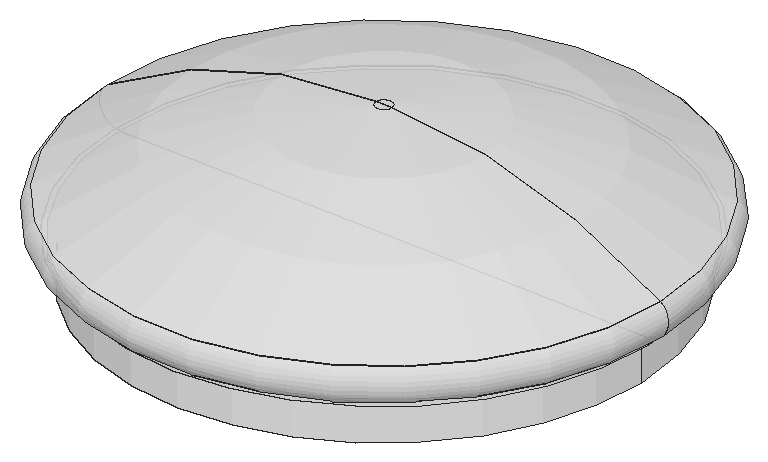
Revit family "0043263 Sylvania Lighting Fixture SYLCIRCLE 24W 4000K", category Lighting Fixtures, host Face, Revit 2016
Family settings
  Host = Face
  Part Type = Normal
  Round Connector Dimension = Use Diameter
  OmniClass Number = 23.80.70.11.17
  OmniClass Title = Specialized Lighting by Location or Use
  Cut with Voids When Loaded = No
  Light Source = Yes
  Shared = No
  Room Calculation Point = No
Parameters (values of type "0043263 SYLCIRCLE 24W 4000K")
  Weight = "5.322 kg"
  WarrantyStartDate [instance] = "n/a"
  WarrantyGuarantorParts = "n/a"
  WarrantyDurationUnit = "n/a"
  WarrantyDurationParts = "n/a"
  WarrantyDescription = "n/a"
  Voltage = 230 V
  TypeName = "SYLCIRCLE 24W 4000K"
  SerialNumber [instance] = "n/a"
  Radius_FEILO = 180.0 mm
  Wattage = 24 W
  built-in parameter 1150110 = 1 (stored number, unit not read)
  URL = "http://www.sylvania-lighting.com"
  built-in parameter 1114217 = 1 (stored number, unit not read)
  Tilt Angle = -90°
  built-in parameter 1150109 = 1 (stored number, unit not read)
  built-in parameter 1150134 = 12
  built-in parameter 1150113 = 1 (stored number, unit not read)
  PowerFactor = 0.8
  PowerConsumption = "24 W"
  Photometric Web File = "0043263.ies"
  NominalWidth = 0.0 mm
  NominalLength = 360.0 mm
  NominalHeight = 100.0 mm
  Name = "SYLCIRCLE 24W 4000K"
  ModelReference = "SYLCIRCLE 24W 4000K"
  ModelNumber = "0043263"
  Material_4_FEILO = none
  Material_3_FEILO = Polycarbonate_Sylvania_Sylcircle_Opal
  Material_2_FEILO = Metal_Sylvania_Sylcircle_White
  Material_1_FEILO = none
  Material = "aluminium housing, polycarbonate diffuser"
  ManufacturerName = "Feilo Sylvania"
  LuminousEfficacy = "86 lm/W"
  LuminaireType = ""
  LightOutputRatio = "n/a"
  LampsType = Lamp  # "LED"
  LampNominalLuminous = "2060 lm"
  LampMacAdamStep = "6"
  LampColourTemperature = "4000 K"
  LampColourRenderingIndex = "80"
  Keynote = "16500"
  InstallationDate [instance] = "n/a"
  InputVoltage = "220-240V~"
  InputNominalFrequency = "50 Hz"
  IngressProtection = "IP44"
  ImpactProtectionIndex = "IK03"
  IfcExportType = "IfcLightFixtureType"
  IfcExportAs = "IfcLightFixtureType"
  Height_FEILO = 100.0 mm
  ExpectedLife = 50000
  ElectricShockClassification = "Class I"
  DurationUnit = "hours"
  DocumentationLiterature = "http://www.sylvania-lighting.com/product/en-int/products/0043263"
  DimmingControlOptions = "Non dimmable"
  Diameter_FEILO = 2 * Radius_FEILO  # 360.0 mm
  CreatedOn = "5/25/2018"
  CreatedBy = "aron.fodor@sylvania-lighting.com"
  built-in parameter 1114216 [instance] = 1 (stored number, unit not read)
  Model = "SYLCIRCLE 24W 4000K"
  Manufacturer = "Feilo Sylvania"
  built-in parameter 1150105 = 506.48 (stored number, unit not read)
  Lumens = 2064 lm
  built-in parameter 1150115 = 1 (stored number, unit not read)
  built-in parameter 1150137 = (empty or 0)
  built-in parameter 1150139 = (empty or 0)
  built-in parameter 1150112 = 1 (stored number, unit not read)
  built-in parameter 1150114 = 1 (stored number, unit not read)
  Lamp = "LED"
  built-in parameter 1150132 = 2
  built-in parameter 1150102 = (empty or 0)
  built-in parameter 1150107 = 4000 (stored number, unit not read)
  built-in parameter 1150138 = (empty or 0)
  built-in parameter 1150106 = 5.0648 (stored number, unit not read)
  built-in parameter 1150104 = 7.9897 (stored number, unit not read)
  Dimming Lamp Color Temperature Shift = <None>
  Description = "Ceiling / wall luminaire with integrated LED  Perfect solution for hallways, circulation spaces or foyer.   Even and uniform light distribution with a halo lighting effect on the wall surface    24W 2060 lumens Supplied with LED driver (non-dimmable)    IK03 PMMA diffuser   Low maintenance with 30,000 hours LED life expectancy"
  Default Elevation = 0.0 mm
  Color Filter = 16777215
  built-in parameter 1140040 [instance] = 1
  BarCode [instance] = "n/a"
  built-in parameter 1114218 = 1 (stored number, unit not read)
  built-in parameter 1150133 = 10 (stored number, unit not read)
  AssetType = "Fixed"
  AssetIdentifier [instance] = "n/a"
  Assembly Code = "D5020200"
  Apparent Load = 24 VA
Reference planes
  plane 1 "Center (Front/Back)": y = 0
  plane 2: z = 0
  plane 3 "Center (Left/Right)": x = 0
  plane 4: x = 180
  plane 5: z = 23
  plane 6 "Housing Bottom": z = 27
  plane 7: z = 50
  plane 8 "Fixture Bottom": z = 100
  plane 9: x = 175
  plane 10: x = 170
  plane 11: x = 167
  plane 12: x = 163
Forms (mm)
  Revolve 1, solid, material "Polycarbonate_Sylvania_Sylcircle_Opal" <- "Material_3_FEILO", detail levels fine
    sketch origin (0, 0, 0) x (1, 0, 0) y (0, 0, 1)
      loop
        line (0, 100) -> (0, 27) -> (169.962, 27)
        arc (169.962, 27) -> (179.736, 36.911) -> (175, 50) r 13.044
        arc (175, 50) -> (93.6, 87.241) -> (5, 100) r 314
        line (5, 100) -> (0, 100)
      axis (0, 100) -> (0, 27)
    angle from 0 to 360
  Revolve 2, solid, material "Metal_Sylvania_Sylcircle_White" <- "Material_2_FEILO", detail levels fine
    sketch origin (0, 0, 0) x (1, 0, 0) y (0, 0, 1)
      loop
        line (167, 27) -> (0, 27) -> (0, 0) -> (163, 0) -> (163, 23) -> (167, 23) -> (167, 27)
      axis (0, 27) -> (0, 0)
    angle from 0 to 360
  Revolve 3, solid, material "Metal_Sylvania_Sylcircle_White" <- "Material_2_FEILO", detail levels coarse+medium
    sketch origin (0, 0, 0) x (1, 0, 0) y (0, 0, 1)
      loop
        line (0, 100) -> (0, 0) -> (163, 0) -> (163, 23) -> (167, 23) -> (167, 27) -> (169.962, 27)
        arc (169.962, 27) -> (179.736, 36.911) -> (175, 50) r 13.044
        arc (175, 50) -> (93.6, 87.241) -> (5, 100) r 314
        line (5, 100) -> (0, 100)
      axis (0, 100) -> (0, 0)
    angle from 0 to 360
Dimensions and locks
  "Height_FEILO": plane 8 "Fixture Bottom" to plane 2
  "Radius_FEILO": plane 4 to plane 3 "Center (Left/Right)"
  plane 6 "Housing Bottom" to plane 5 to plane 2 = 4.0 mm locked, 23.0 mm locked
  plane 4 to plane 9 to plane 10 to plane 11 to plane 12 = 5.0 mm locked, 5.0 mm locked, 3.0 mm locked, 4.0 mm locked
  aligned and locked: plane 2 to host face
  aligned and locked: level to host face
  aligned and locked: plane 1 "Center (Front/Back)" to imposter light
  aligned and locked: plane 3 "Center (Left/Right)" to imposter light
  aligned and locked: Revolve 1 sketch curve to plane 3 "Center (Left/Right)"
  aligned and locked: plane 6 "Housing Bottom" to Revolve 1 sketch curve  (x2)
  aligned and locked: Revolve 1 sketch curve to plane 8 "Fixture Bottom"
  aligned and locked: plane 9 to Revolve 1 sketch curve
  aligned and locked: Revolve 2 sketch curve to plane 6 "Housing Bottom"
  aligned and locked: Revolve 2 sketch curve to plane 11
  aligned and locked: Revolve 2 sketch curve to plane 5
  aligned and locked: Revolve 2 sketch curve to plane 12
  aligned and locked: Revolve 2 sketch curve to plane 2
  aligned and locked: Revolve 2 sketch curve to plane 3 "Center (Left/Right)"  (x2)
  aligned and locked: plane 8 "Fixture Bottom" to imposter light
  aligned and locked: plane 9 to Revolve 3 sketch curve
  aligned and locked: plane 6 "Housing Bottom" to Revolve 3 sketch curve
  aligned and locked: plane 7 to Revolve 3 sketch curve
  aligned and locked: Revolve 3 sketch curve to imposter light
  aligned and locked: Revolve 3 sketch curve to plane 11
  aligned and locked: Revolve 3 sketch curve to plane 2
  aligned and locked: Revolve 3 sketch curve to plane 5
  aligned and locked: Revolve 3 sketch curve to plane 12
Automatic sketch dimensions
  host sketch curve to host sketch curve = 1305.563 mm
  host sketch curve to host sketch curve = 1283.632 mm
  Revolve 1 sketch curve to plane 3 "Center (Left/Right)" = 0.0 mm
  Revolve 1 sketch curve to plane 7 = 0.0 mm
  Revolve 1 sketch curve to plane 10 = 0.038 mm
  plane 3 "Center (Left/Right)" to Revolve 1 sketch curve = 5.0 mm
  Revolve 1 sketch curve to plane 10 = 3.007 mm
  Revolve 1 sketch curve to Revolve 1 sketch curve = 234.06 mm
  Revolve 1 sketch curve to Revolve 1 sketch curve = 2559.943 mm
  Revolve 2 sketch curve to level = 372.274 mm
  plane 8 "Fixture Bottom" to Revolve 2 sketch curve = 2559.943 mm
  Revolve 3 sketch curve to plane 3 "Center (Left/Right)" = 0.0 mm  (x2)
  plane 3 "Center (Left/Right)" to Revolve 3 sketch curve = 5.0 mm
  Revolve 3 sketch curve to plane 10 = 0.038 mm
  Revolve 3 sketch curve to plane 11 = 0.007 mm
  Revolve 3 sketch curve to Revolve 3 sketch curve = 234.06 mm
  Revolve 3 sketch curve to Revolve 3 sketch curve = 2559.943 mm
Connectors
  electrical at (0, 0, 0), driven by "Apparent Load", driven by "Voltage", driven by "PowerFactor"
    settings: on Revolve 2, index 1, voltage 230 V, apparent load 0 VA, apparent load phase1 24 VA, apparent load phase2 0 VA, apparent load phase3 0 VA, power factor 0.8, load classification "Lighting", number of poles 1, system type 31, power factor state 1, is connector primary yes, connector utility no, sub classification motor no, connector description ""
